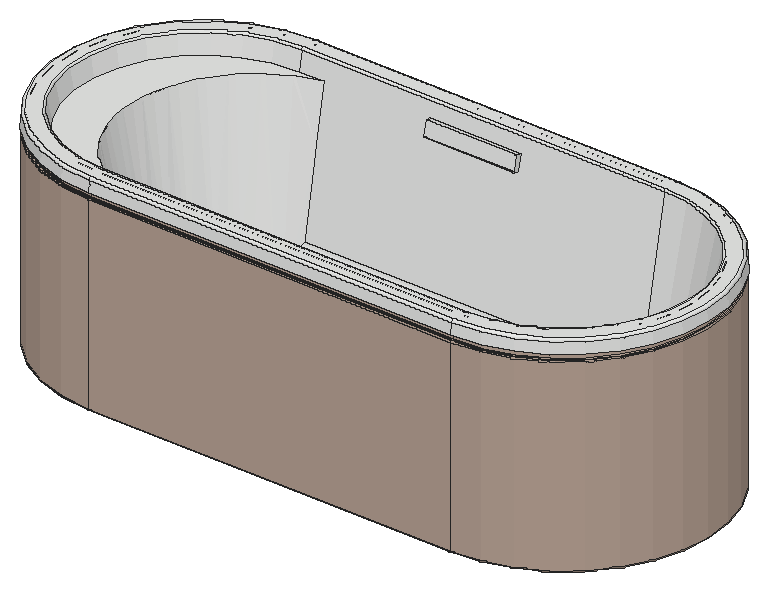
Revit family "Bath-Freestanding-KOHLER-LOVEE-K-99206T_1", category Plumbing Fixtures, host Face, Revit 2017
Family settings
  Host = Face
  Round Connector Dimension = Use Diameter
  Part Type = Normal
  OmniClass Number = 23.31.15.00
  OmniClass Title = Bathtubs
  Cut with Voids When Loaded = No
  Shared = No
  Room Calculation Point = No
Parameters (values of type "E63-Walnut")
  Width = 66.92913"  # constant formula
  WaterSense Certified = 1 = 0  # no
  Waste Water Outlet = "Waste Water Outlet"  # constant formula
  Waste Connection = 1 = 1  # yes
  Vent Connection = 1 = 0  # no
  URL = "http://www.kohler.com.cn/"
  Type = 1
  Product Page URL = "https://www.kohler.com.cn/product/K-99206T-E63/K-99206T-E63/"
  Product Name = "LOVEE"  # constant formula
  Product Documentation Link = "https://files.kohler.com.cn/pdfs/K_99206T%2099206T-GR.pdf"
  Model = if(Type = 1, "KK-99206T-E63", if(Type = 2, "K-99206T-C38", if(Type = 3, "K-99206T-C36", "NA")))  # "KK-99206T-E63"
  Material = "Cast Iron"  # constant formula
  Master Format 2014 Name = "Residential Bathtubs"  # constant formula
  Master Format 2014 = "22 41 19"  # constant formula
  Manufacturer Address = "Kohler Beijing Office (100016) 36-2-03-B, No. 88, Liuxiang Road, Beijing"  # constant formula
  Manufacturer = "KOHLER Co."  # constant formula
  Length = 29.52756"  # constant formula
  Hot Water Inlet = "Hot Water Inlet"  # constant formula
  Height = 21.65354"  # constant formula
  HW Connection = 1 = 0  # no
  Finish = Kohler-Wood-E63-Walnut
  Environmental Product Declaration = ""
  Drain Included = 1 = 1  # yes
  Description = "Freestanding cast iron bathtub with wooden skirt"  # constant formula
  Default Elevation = 0"
  Declare Label = ""
  Date Modified = "01/29/2021"  # constant formula
  Date Created = "01/29/2021"  # constant formula
  Copyright = "Copyright KOHLER Co."  # constant formula
  Contact Us = "http://www.kohler.com.cn/contact/contact-us/"
  Cold Water Inlet = "Cold Water Inlet"  # constant formula
  CW Connection = 1 = 0  # no
  Assembly Code = "D2010500"
  ADA Compliant = 1 = 0  # no
Types (3): name | Type | Product Page URL | Model | Finish
  E63-Walnut | 1 | "https://www.kohler.com.cn/product/K-99206T-E63/K-99206T-E63/" | "KK-99206T-E63" | Kohler-Wood-E63-Walnut
  C38-Clear Oak | 2 | "https://www.kohler.com.cn/product/K-99206T-E63/K-99206T-C38/" | "K-99206T-C38" | Kohler-Wood-C38-White
  C36-Ebony | 3 | "https://www.kohler.com.cn/product/K-99206T-E63/K-99206T-C36/" | "K-99206T-C36" | Kohler-Wood-C36-Ebony
Reference planes (in)
  plane 1 "Center (Front/Back)": y = 0
  plane 2: z = 0
  plane 3 "Center (Left/Right)": x = 0
  plane 4: y = 14.76378
  plane 5: y = -14.76378
  plane 6: x = 2.04724
  plane 7: y = -2.04724
  plane 8: x = 33.46457
  plane 9: x = -2.04724
  plane 10: x = -33.46457
  plane 11: y = 2.04724
  plane 12: z = 21.65354
  plane 13: z = 20.27559
  plane 14: z = 19.68504
  plane 15: z = 0.19685
  plane 16: z = 3.12954
Dimensions and locks (in)
  "Width": plane 10 to plane 8
  "Length": plane 4 to plane 5
  plane 9 to plane 6 = 4.09449"
  "Height": plane 12 to level
  plane 14 to plane 12 = 1.9685"
  plane 13 to plane 12 = 1.37795"
  plane 15 to plane 12 = 21.45669"
  aligned and locked: plane 2 to host face
  aligned and locked: level to host face
Automatic sketch dimensions
  host sketch curve to host sketch curve = 96"  (x2)
Nested families (in)
  nested 1: "K-99206T" at (0, 0, 0.19685), type "K-99206T"
Connectors (in)
  piping at (0, 0, 3.1295), diameter 1.32813, driven by "Waste Connection", driven by "Waste Water Outlet"
    settings: on nested 1, index 1, connector inside diameter 24", connector length 0", flow factor 0, pipe flow 0 GPM, pressure drop 0.00 psi, fitting loss kfactor 0, connector angle 0.00°, fixture units 0, engagement length 0", angle of deflection 0.00°, flow configuration 0, flow direction 2, fitting loss method 0, system type 16, joint type 0, gender type 0, connector reference index -1, connector utility 1, adjustable connector no, is connector primary yes, connector description "Waste Water Outlet"
Definition of nested family "K-99206T"
  Parameters (values of type "K-99206T")
    Material = none
  Reference planes (in)
    plane 1 "Center (Front/Back)": y = 0
    plane 2: z = 0
    plane 3 "Center (Left/Right)": x = 0
    plane 4: y = 14.76378
    plane 5: y = -14.76378
    plane 6: x = -33.46457
    plane 7: x = 33.46457
    plane 8: x = -2.04724
    plane 9: x = 2.04724
    plane 10: y = -2.04724
    plane 11: y = 2.04724
    plane 12: z = 21.45669
    plane 13: z = 20.07874
    plane 14: z = 19.48819
    plane 15: z = -0.19685
  Forms (in)
    Sweep 1, solid, material <- "Material"
      path origin (-0.01129, 0, 0) x (1, 0, 0) y (0, 1, 0)
        loop
          line (18.70079, 14.76378) -> (-18.70079, 14.76378)
          arc (-18.70079, 14.76378) -> (-33.46457, 0) -> (-18.70079, -14.76378) r 14.76378
          line (-18.70079, -14.76378) -> (18.70079, -14.76378)
          arc (18.70079, -14.76378) -> (33.46457, 0) -> (18.70079, 14.76378) r 14.76378
      profile origin (-0.01129, 14.76378, 0) x (0, -1, 0) y (0, 0, 1)
        loop
          line (0.70866, 0.07874) -> (0.70866, 20.19685)
          arc (0.70866, 20.19685) -> (0.6856, 20.25253) -> (0.62992, 20.27559) r 0.07874
          line (0.62992, 20.27559) -> (0.43307, 20.27559)
          arc (0.43307, 20.27559) -> (0.37739, 20.25253) -> (0.35433, 20.19685) r 0.07874
          line (0.35433, 20.19685) -> (0.35433, 19.56693)
          arc (0.35433, 19.56693) -> (0.33127, 19.51125) -> (0.27559, 19.48819) r 0.07874
          line (0.27559, 19.48819) -> (0.07874, 19.48819)
          arc (0.07874, 19.48819) -> (0.02306, 19.46513) -> (0, 19.40945) r 0.07874
          line (0, 19.40945) -> (0, 0.07874)
          arc (0, 0.07874) -> (0.02306, 0.02306) -> (0.07874, 0) r 0.07874
          line (0.07874, 0) -> (0.62992, 0)
          arc (0.62992, 0) -> (0.6856, 0.02306) -> (0.70866, 0.07874) r 0.07874
    Sweep 2, solid, detail levels medium+fine
      path origin (-0.01129, 0, 0) x (1, 0, 0) y (0, 1, 0)
        loop
          line (18.70079, 14.76378) -> (-18.70079, 14.76378)
          arc (-18.70079, 14.76378) -> (-33.46457, 0) -> (-18.70079, -14.76378) r 14.76378
          line (-18.70079, -14.76378) -> (18.70079, -14.76378)
          arc (18.70079, -14.76378) -> (33.46457, 0) -> (18.70079, 14.76378) r 14.76378
      profile origin (-0.01129, 14.76378, 0) x (0, -1, 0) y (0, 0, 1)
        loop
          line (0, 20.07874) -> (0.31616, 20.07874) -> (0.38495, 20.86493)
          arc (0.38495, 20.86493) -> (0.4793, 21.05625) -> (0.67812, 21.13357) r 0.29429
          line (0.67812, 21.13357) -> (0.84167, 21.13357) -> (0.84167, 21.44853) -> (0.37237, 21.44853)
          arc (0.37237, 21.44853) -> (0.18619, 21.37613) -> (0.09783, 21.19696) r 0.27559
          line (0.09783, 21.19696) -> (0, 20.07874)
    Sweep 3, solid, detail levels medium+fine
      path origin (-0.01129, 0, 0) x (1, 0, 0) y (0, 1, 0)
        loop
          line (18.70079, 14.76378) -> (-18.70079, 14.76378)
          arc (-18.70079, 14.76378) -> (-33.46457, 0) -> (-18.70079, -14.76378) r 14.76378
          line (-18.70079, -14.76378) -> (18.70079, -14.76378)
          arc (18.70079, -14.76378) -> (33.46457, 0) -> (18.70079, 14.76378) r 14.76378
      profile origin (-0.01129, 14.76378, 0) x (0, -1, 0) y (0, 0, 1)
        loop
          line (0.82329, 21.44853) -> (0.82329, 21.13357) -> (1.55623, 21.13357)
          arc (1.55623, 21.13357) -> (1.7306, 21.07139) -> (1.82629, 20.91292) r 0.27559
          line (1.82629, 20.91292) -> (4.89532, 5.82812)
          arc (4.89532, 5.82812) -> (5.49838, 4.82941) -> (6.59727, 4.43757) r 1.73682
          line (6.59727, 4.43757) -> (6.59727, 4.71316)
          arc (6.59727, 4.71316) -> (5.67275, 5.04283) -> (5.16538, 5.88307) r 1.46122
          line (5.16538, 5.88307) -> (2.03062, 21.29092)
          arc (2.03062, 21.29092) -> (1.96227, 21.40412) -> (1.83772, 21.44853) r 0.19685
          line (1.83772, 21.44853) -> (0.82329, 21.44853)
    Sweep 4, solid, detail levels medium+fine
      path origin (-0.01129, 0, 0) x (1, 0, 0) y (0, 1, 0)
        loop
          line (18.70079, 14.76378) -> (-18.70079, 14.76378)
          arc (-18.70079, 14.76378) -> (-33.46457, 0) -> (-18.70079, -14.76378) r 14.76378
          line (-18.70079, -14.76378) -> (18.70079, -14.76378)
          arc (18.70079, -14.76378) -> (33.46457, 0) -> (18.70079, 14.76378) r 14.76378
      profile origin (-0.01129, 14.76378, 0) x (0, -1, 0) y (0, 0, 1)
        loop
          line (0.82329, 21.44853) -> (0.82329, 21.13357) -> (1.55623, 21.13357)
          arc (1.55623, 21.13357) -> (1.7306, 21.07139) -> (1.82629, 20.91292) r 0.27559
          line (1.82629, 20.91292) -> (4.89532, 5.82812)
          arc (4.89532, 5.82812) -> (5.49838, 4.82941) -> (6.59727, 4.43757) r 1.73682
          line (6.59727, 4.43757) -> (6.59727, 4.71316)
          arc (6.59727, 4.71316) -> (5.67275, 5.04283) -> (5.16538, 5.88307) r 1.46122
          line (5.16538, 5.88307) -> (2.09475, 20.97572)
          arc (2.09475, 20.97572) -> (1.8897, 21.3153) -> (1.51605, 21.44853) r 0.59055
          line (1.51605, 21.44853) -> (0.82329, 21.44853)
    Extrusion 5, solid, detail levels medium+fine
      sketch origin (-0.01129, 0, 0) x (1, 0, 0) y (0, 1, 0)
        loop
          arc (-18.70079, 8.16651) -> (-26.86729, 0) -> (-18.70079, -8.16651) r 8.16651
          line (-18.70079, -8.16651) -> (18.70079, -8.16651)
          arc (18.70079, -8.16651) -> (26.86729, 0) -> (18.70079, 8.16651) r 8.16651
          line (18.70079, 8.16651) -> (-18.70079, 8.16651)
      from 4.43757 to 4.71316
    Blend 6, solid, detail levels medium+fine
      base sketch origin (-0.01129, 0, 0) x (1, 0, 0) y (0, 1, 0)
        loop
          arc (-18.70079, 13.94049) -> (-32.64128, 0) -> (-18.70079, -13.94049) r 13.94049
          line (-18.70079, -13.94049) -> (-13.33649, -13.94049) -> (-13.33649, -12.66683)
          arc (-13.33649, -12.66683) -> (-26.00332, 0) -> (-13.33649, 12.66683) r 12.66683
          line (-13.33649, 12.66683) -> (-13.33649, 13.94049) -> (-18.70079, 13.94049)
      top sketch origin (-0.01129, 0, 0) x (1, 0, 0) y (0, 1, 0)
        loop
          arc (-18.70079, 13.94049) -> (-32.64128, 0) -> (-18.70079, -13.94049) r 13.94049
          line (-18.70079, -13.94049) -> (-13.40128, -13.94049) -> (-13.40128, -9.64953)
          arc (-13.40128, -9.64953) -> (-23.05076, 0.0324) -> (-13.33649, 9.64931) r 9.64953
          line (-13.33649, 9.64931) -> (-13.33649, 13.94049) -> (-18.70079, 13.94049)
      from 19.40945 to 4.48528
    Blend 7, solid, detail levels medium+fine
      base sketch origin (-0.01129, 0, 0) x (1, 0, 0) y (0, 1, 0)
        loop
          arc (-1.90175, 2.37419) -> (-2.23582, 2.23582) -> (-2.37419, 1.90175) r 0.47244
          line (-2.37419, 1.90175) -> (-2.37419, -1.90175)
          arc (-2.37419, -1.90175) -> (-2.23582, -2.23582) -> (-1.90175, -2.37419) r 0.47244
          line (-1.90175, -2.37419) -> (1.90175, -2.37419)
          arc (1.90175, -2.37419) -> (2.23582, -2.23582) -> (2.37419, -1.90175) r 0.47244
          line (2.37419, -1.90175) -> (2.37419, 1.90175)
          arc (2.37419, 1.90175) -> (2.23582, 2.23582) -> (1.90175, 2.37419) r 0.47244
          line (1.90175, 2.37419) -> (-1.90175, 2.37419)
      top sketch origin (-0.01129, 0, 0) x (1, 0, 0) y (0, 1, 0)
        loop
          arc (-1.2924, 1.96169) -> (-1.76566, 1.76566) -> (-1.96169, 1.2924) r 0.66929
          line (-1.96169, 1.2924) -> (-1.96169, -1.2924)
          arc (-1.96169, -1.2924) -> (-1.76566, -1.76566) -> (-1.2924, -1.96169) r 0.66929
          line (-1.2924, -1.96169) -> (1.2924, -1.96169)
          arc (1.2924, -1.96169) -> (1.76566, -1.76566) -> (1.96169, -1.2924) r 0.66929
          line (1.96169, -1.2924) -> (1.96169, 1.2924)
          arc (1.96169, 1.2924) -> (1.76566, 1.76566) -> (1.2924, 1.96169) r 0.66929
          line (1.2924, 1.96169) -> (-1.2924, 1.96169)
      from 4.71316 to 3.78953
    Blend 8, void
      base sketch origin (-0.01129, 0, 0) x (1, 0, 0) y (0, 1, 0)
        loop
          arc (-1.90175, 2.0986) -> (-2.04094, 2.04094) -> (-2.0986, 1.90175) r 0.19685
          line (-2.0986, 1.90175) -> (-2.0986, -1.90175)
          arc (-2.0986, -1.90175) -> (-2.04094, -2.04094) -> (-1.90175, -2.0986) r 0.19685
          line (-1.90175, -2.0986) -> (1.90175, -2.0986)
          arc (1.90175, -2.0986) -> (2.04094, -2.04094) -> (2.0986, -1.90175) r 0.19685
          line (2.0986, -1.90175) -> (2.0986, 1.90175)
          arc (2.0986, 1.90175) -> (2.04094, 2.04094) -> (1.90175, 2.0986) r 0.19685
          line (1.90175, 2.0986) -> (-1.90175, 2.0986)
      top sketch origin (-0.01129, 0, 0) x (1, 0, 0) y (0, 1, 0)
        loop
          line (-1.6861, 1.2924) -> (-1.6861, -1.2924)
          arc (-1.6861, -1.2924) -> (-1.57079, -1.57079) -> (-1.2924, -1.6861) r 0.3937
          line (-1.2924, -1.6861) -> (1.2924, -1.6861)
          arc (1.2924, -1.6861) -> (1.57079, -1.57079) -> (1.6861, -1.2924) r 0.3937
          line (1.6861, -1.2924) -> (1.6861, 1.2924)
          arc (1.6861, 1.2924) -> (1.57079, 1.57079) -> (1.2924, 1.6861) r 0.3937
          line (1.2924, 1.6861) -> (-1.2924, 1.6861)
          arc (-1.2924, 1.6861) -> (-1.57079, 1.57079) -> (-1.6861, 1.2924) r 0.3937
      from 4.71316 to 3.78953
    Extrusion 9, solid, detail levels medium+fine
      sketch origin (-0.01129, 0, 0) x (1, 0, 0) y (0, 1, 0)
        loop
          line (-1.2924, -1.96169) -> (1.2924, -1.96169)
          arc (1.2924, -1.96169) -> (1.76566, -1.76566) -> (1.96169, -1.2924) r 0.66929
          line (1.96169, -1.2924) -> (1.96169, 1.2924)
          arc (1.96169, 1.2924) -> (1.76566, 1.76566) -> (1.2924, 1.96169) r 0.66929
          line (1.2924, 1.96169) -> (-1.2924, 1.96169)
          arc (-1.2924, 1.96169) -> (-1.76566, 1.76566) -> (-1.96169, 1.2924) r 0.66929
          line (-1.96169, 1.2924) -> (-1.96169, -1.2924)
          arc (-1.96169, -1.2924) -> (-1.76566, -1.76566) -> (-1.2924, -1.96169) r 0.66929
        loop
          circle (0, 0) r 1.37795
      from 3.78953 to 4.15333
    Revolve 10, solid, detail levels medium+fine
      sketch origin (-0.01129, 0, 0) x (1, 0, 0) y (0, 0, 1)
        loop
          line (-0.65945, 4.68403) -> (0.01129, 4.68403) -> (0.01129, 5.09217)
          arc (0.01129, 5.09217) -> (-0.68338, 5.04694) -> (-1.36573, 4.90902) r 5.18326
          arc (-1.36573, 4.90902) -> (-1.38335, 4.88245) -> (-1.35935, 4.86145) r 0.02422
          line (-1.35935, 4.86145) -> (-0.65945, 4.86145) -> (-0.65945, 4.68403)
        loop
          line (0.01129, 4.24463) -> (-1.54721, 4.24463) -> (-1.54721, 4.19737) -> (-0.8307, 4.07103) -> (-0.8307, 2.93265) -> (0.01129, 2.93265) -> (0.01129, 4.24463)
        axis (0.01129, 2.93265) -> (0.01129, 5.09217)
      angle from 0 to 360
    Extrusion 11, solid, material <- "Material"
      sketch origin (-0.01129, 0, 0) x (1, 0, 0) y (0, 1, 0)
        loop
          line (18.85626, -13.60236) -> (19.20858, -12.99213) -> (18.85626, -12.38189) -> (18.15162, -12.38189) -> (17.7993, -12.99213) -> (18.15162, -13.60236) -> (18.85626, -13.60236)
        loop
          line (18.85626, 13.60236) -> (18.15162, 13.60236) -> (17.7993, 12.99213) -> (18.15162, 12.38189) -> (18.85626, 12.38189) -> (19.20858, 12.99213) -> (18.85626, 13.60236)
        loop
          line (-18.85626, -13.60236) -> (-18.15162, -13.60236) -> (-17.7993, -12.99213) -> (-18.15162, -12.38189) -> (-18.85626, -12.38189) -> (-19.20858, -12.99213) -> (-18.85626, -13.60236)
        loop
          line (-18.85626, 13.60236) -> (-19.20858, 12.99213) -> (-18.85626, 12.38189) -> (-18.15162, 12.38189) -> (-17.7993, 12.99213) -> (-18.15162, 13.60236) -> (-18.85626, 13.60236)
      from -0.19685 to 0.98425
    Extrusion 12, solid, detail levels medium+fine
      sketch origin (0, 0, 0) x (0, 1, 0) y (0, 0, 1)
        loop
          line (11.88776, 20.1706) -> (11.44409, 20.26086)
          arc (11.44409, 20.26086) -> (11.4293, 20.25799) -> (11.42088, 20.2455) r 0.01969
          line (11.42088, 20.2455) -> (11.12532, 18.79277)
          arc (11.12532, 18.79277) -> (11.12819, 18.77798) -> (11.14068, 18.76956) r 0.01969
          line (11.14068, 18.76956) -> (11.58435, 18.67929) -> (11.88776, 20.1706)
      from -4.81123 to 4.52627
    Extrusion 13, solid, material <- "Material"
      sketch origin (0, 0, 0) x (1, 0, 0) y (0, 1, 0)
        loop
          line (12.83465, -8.77953) -> (12.99213, -9.05229) -> (13.30709, -9.05229) -> (13.46457, -8.77953) -> (13.30709, -8.50676) -> (12.99213, -8.50676) -> (12.83465, -8.77953)
        loop
          line (12.83465, 8.77953) -> (12.99213, 8.50676) -> (13.30709, 8.50676) -> (13.46457, 8.77953) -> (13.30709, 9.05229) -> (12.99213, 9.05229) -> (12.83465, 8.77953)
        loop
          line (-12.83465, -8.77953) -> (-12.99213, -8.50676) -> (-13.30709, -8.50676) -> (-13.46457, -8.77953) -> (-13.30709, -9.05229) -> (-12.99213, -9.05229) -> (-12.83465, -8.77953)
        loop
          line (-12.83465, 8.77953) -> (-12.99213, 9.05229) -> (-13.30709, 9.05229) -> (-13.46457, 8.77953) -> (-13.30709, 8.50676) -> (-12.99213, 8.50676) -> (-12.83465, 8.77953)
      from -0.19685 to 0.43307
    Extrusion 14, solid, material <- "Material"
      sketch origin (0, 0, 0) x (1, 0, 0) y (0, 1, 0)
        loop
          line (-19.29134, 13.9639) -> (-19.29134, -13.9639) -> (-17.71654, -13.9639) -> (-17.71654, 13.9639) -> (-19.29134, 13.9639)
        loop
          line (17.71654, 13.97638) -> (17.71654, -13.97638) -> (19.29134, -13.97638) -> (19.29134, 13.97638) -> (17.71654, 13.97638)
      from 0.98425 to 2.55906
    Sweep 15, solid, detail levels coarse
      path origin (-0.01129, 0, 0) x (1, 0, 0) y (0, 1, 0)
        loop
          line (18.70079, 14.76378) -> (-18.70079, 14.76378)
          arc (-18.70079, 14.76378) -> (-33.46457, 0) -> (-18.70079, -14.76378) r 14.76378
          line (-18.70079, -14.76378) -> (18.70079, -14.76378)
          arc (18.70079, -14.76378) -> (33.46457, 0) -> (18.70079, 14.76378) r 14.76378
      profile origin (-0.01129, 14.76378, 0) x (0, -1, 0) y (0, 0, 1)
        loop
          line (0, 20.07874) -> (0.31616, 20.07874) -> (0.40845, 21.13357) -> (0.84167, 21.13357) -> (0.84167, 21.44853) -> (0.11984, 21.44853) -> (0, 20.07874)
    Sweep 16, solid, detail levels coarse
      path origin (-0.01129, 0, 0) x (1, 0, 0) y (0, 1, 0)
        loop
          line (18.70079, 14.76378) -> (-18.70079, 14.76378)
          arc (-18.70079, 14.76378) -> (-33.46457, 0) -> (-18.70079, -14.76378) r 14.76378
          line (-18.70079, -14.76378) -> (18.70079, -14.76378)
          arc (18.70079, -14.76378) -> (33.46457, 0) -> (18.70079, 14.76378) r 14.76378
      profile origin (-0.01129, 14.76378, 0) x (0, -1, 0) y (0, 0, 1)
        loop
          line (0.82329, 21.44853) -> (0.82329, 21.13357) -> (1.7814, 21.13357) -> (5.17824, 4.43757) -> (6.59727, 4.43757) -> (6.59727, 4.71316) -> (5.4034, 4.71316) -> (1.99855, 21.44853) -> (0.82329, 21.44853)
    Extrusion 17, solid, detail levels coarse
      sketch origin (0, 0, 0) x (1, 0, 0) y (0, 1, 0)
        loop
          arc (-18.71208, 8.16651) -> (-26.87858, 0) -> (-18.71208, -8.16651) r 8.16651
          line (-18.71208, -8.16651) -> (18.6895, -8.16651)
          arc (18.6895, -8.16651) -> (26.85601, 0) -> (18.6895, 8.16651) r 8.16651
          line (18.6895, 8.16651) -> (-18.71208, 8.16651)
      from 4.43757 to 4.68403
  Cuts and joins
    Blend 8 cuts Extrusion 5
    Blend 8 cuts Blend 7
    joined: Sweep 2, Sweep 3, Sweep 4, Extrusion 5, Blend 6, Blend 7, Extrusion 9, Extrusion 12
    joined: Extrusion 11, Extrusion 13, Extrusion 14
    joined: Sweep 15, Sweep 16, Extrusion 17
  Lines and regions (in)
    Masking region 1
      outline origin (0, 0, 0) x (1, 0, 0) y (0, 1, 0)
        loop
          line (18.70079, 14.76378) -> (-18.70079, 14.76378)
          arc (-18.70079, 14.76378) -> (-33.46457, 0) -> (-18.70079, -14.76378) r 14.76378
          line (-18.70079, -14.76378) -> (18.70079, -14.76378)
          arc (18.70079, -14.76378) -> (33.46457, 0) -> (18.70079, 14.76378) r 14.76378
    Masking region 2
      outline origin (-0.01129, 0, 0) x (1, 0, 0) y (0, 0, 1)
        loop
          line (-33.46457, 0) -> (-19.20858, 0) -> (-19.20858, -0.19685) -> (-17.7993, -0.19685) -> (-17.7993, 0) -> (-13.45328, 0) -> (-13.45328, -0.19685) -> (-12.82336, -0.19685) -> (-12.82336, 0) -> (12.84593, 0) -> (12.84593, -0.19685) -> (13.47585, -0.19685) -> (13.47585, 0) -> (17.7993, 0) -> (17.7993, -0.19685) -> (19.20858, -0.19685) -> (19.20858, 0) -> (33.46457, 0) -> (33.46457, 19.40945)
          arc (33.46457, 19.40945) -> (33.4415, 19.46513) -> (33.38583, 19.48819) r 0.07874
          line (33.38583, 19.48819) -> (33.1879, 19.48819)
          arc (33.1879, 19.48819) -> (33.13315, 19.51087) -> (33.11047, 19.56562) r 0.07744
          line (33.11047, 19.56562) -> (33.11047, 20.07874) -> (33.46457, 20.07874) -> (33.36602, 21.20512)
          arc (33.36602, 21.20512) -> (33.27767, 21.38429) -> (33.09148, 21.45669) r 0.27559
          line (33.09148, 21.45669) -> (0, 21.45669) -> (-33.09148, 21.45669)
          arc (-33.09148, 21.45669) -> (-33.27767, 21.38429) -> (-33.36602, 21.20512) r 0.27559
          line (-33.36602, 21.20512) -> (-33.46457, 20.07874) -> (-33.11047, 20.07874) -> (-33.11047, 19.56562)
          arc (-33.11047, 19.56562) -> (-33.13315, 19.51087) -> (-33.1879, 19.48819) r 0.07744
          line (-33.1879, 19.48819) -> (-33.38583, 19.48819)
          arc (-33.38583, 19.48819) -> (-33.4415, 19.46513) -> (-33.46457, 19.40945) r 0.07874
          line (-33.46457, 19.40945) -> (-33.46457, 0)
    Masking region 3
      outline origin (0, 0, 0) x (0, 1, 0) y (0, 0, 1)
        loop
          arc (14.76378, 19.40945) -> (14.74072, 19.46513) -> (14.68504, 19.48819) r 0.07874
          line (14.68504, 19.48819) -> (14.48819, 19.48819)
          arc (14.48819, 19.48819) -> (14.43251, 19.51125) -> (14.40945, 19.56693) r 0.07874
          line (14.40945, 19.56693) -> (14.40945, 20.07874) -> (14.76378, 20.07874) -> (14.66595, 21.19696)
          arc (14.66595, 21.19696) -> (14.57759, 21.37613) -> (14.39141, 21.44853) r 0.27559
          line (14.39141, 21.44853) -> (-0.06138, 21.44853) -> (-14.39141, 21.44853)
          arc (-14.39141, 21.44853) -> (-14.57759, 21.37613) -> (-14.66595, 21.19696) r 0.27559
          line (-14.66595, 21.19696) -> (-14.76378, 20.07874) -> (-14.40945, 20.07874) -> (-14.40945, 19.56693)
          arc (-14.40945, 19.56693) -> (-14.43251, 19.51125) -> (-14.48819, 19.48819) r 0.07874
          line (-14.48819, 19.48819) -> (-14.68504, 19.48819)
          arc (-14.68504, 19.48819) -> (-14.74072, 19.46513) -> (-14.76378, 19.40945) r 0.07874
          line (-14.76378, 19.40945) -> (-14.76378, 0.07874)
          arc (-14.76378, 0.07874) -> (-14.74072, 0.02306) -> (-14.68504, 0) r 0.07874
          line (-14.68504, 0) -> (-13.60236, 0) -> (-13.60236, -0.19685) -> (-12.38189, -0.19685) -> (-12.38189, 0) -> (-9.05229, 0) -> (-9.05229, -0.19685) -> (-8.50676, -0.19685) -> (-8.50676, 0) -> (0, 0) -> (8.50676, 0) -> (8.50676, -0.19685) -> (9.05229, -0.19685) -> (9.05229, 0) -> (12.38189, 0) -> (12.38189, -0.19685) -> (13.60236, -0.19685) -> (13.60236, 0) -> (14.68504, 0)
          arc (14.68504, 0) -> (14.74072, 0.02306) -> (14.76378, 0.07874) r 0.07874
          line (14.76378, 0.07874) -> (14.76378, 19.40945)
    symbolic lines, detail levels medium+fine
      curve 1: line (0, 14.48819, 19.48819) -> (0, -14.48819, 19.48819)
      curve 2: line (0, -14.40945, 20.07874) -> (0, 14.44762, 20.07874)
      curve 3: line (-33.12175, 0, 20.07874) -> (33.09918, 0, 20.07874)
      curve 4: line (33.17661, 0, 19.48819) -> (-33.19919, 0, 19.48819)
      curve 8: arc (-16.15021, -12.35037, 0) -> (-26.00332, 0, 0) -> (-16.15021, 12.35037, 0) r 12.66683
      curve 9: arc (-18.70079, -12.35037, 0) -> (-31.05116, 0, 0) -> (-18.70079, 12.35037, 0) r 12.35037
      curve 10: line (-16.15021, -12.35037, 0) -> (-18.70079, -12.35037, 0)
      curve 11: line (-18.70079, 12.35037, 0) -> (-16.15021, 12.35037, 0)
      curve 12: line (-15.91595, 9.61562, 0) -> (-18.62646, 8.16651, 0)
      curve 13: arc (-18.62646, 8.16651, 0) -> (-23.09589, 0, 0) -> (-18.62646, -8.16651, 0) r 9.6956
      curve 14: line (-18.62646, -8.16651, 0) -> (-15.91602, -9.61562, 0)
      curve 15: line (-4.81123, 11.88776, 0) -> (4.52627, 11.88776, 0)
      curve 16: line (-4.81123, 11.88776, 0) -> (-4.81123, 11.12492, 0)
      curve 17: line (4.52627, 11.12492, 0) -> (4.52627, 11.88776, 0)
      curve 18: line (-4.81123, 11.12492, 0) -> (4.52627, 11.12492, 0)
      curve 19: line (4.52627, 11.50634, 0) -> (-4.81123, 11.50634, 0)
      curve 21: line (-15.91595, 9.61562, 0) -> (18.70079, 9.61562, 0)
      curve 22: arc (18.70079, 9.61562, 0) -> (28.31641, 0, 0) -> (18.70079, -9.61562, 0) r 9.61562
      curve 23: line (18.70079, -9.61562, 0) -> (-15.91602, -9.61562, 0)
      curve 24: line (-1.90175, 2.0986, 0) -> (1.90175, 2.0986, 0)
      curve 25: arc (-2.0986, 1.90175, 0) -> (-2.04094, 2.04094, 0) -> (-1.90175, 2.0986, 0) r 0.19685
      curve 26: line (-2.0986, -1.90175, 0) -> (-2.0986, 1.90175, 0)
      curve 27: arc (1.90175, 2.0986, 0) -> (2.04094, 2.04094, 0) -> (2.0986, 1.90175, 0) r 0.19685
      curve 28: line (2.0986, 1.90175, 0) -> (2.0986, -1.90175, 0)
      curve 29: arc (2.0986, -1.90175, 0) -> (2.04094, -2.04094, 0) -> (1.90175, -2.0986, 0) r 0.19685
      curve 30: line (1.90175, -2.0986, 0) -> (-1.90175, -2.0986, 0)
      curve 31: arc (-1.90175, -2.0986, 0) -> (-2.04094, -2.04094, 0) -> (-2.0986, -1.90175, 0) r 0.19685
      curve 32: arc (-1.53241, -1.84858, 0) -> (-1.75597, -1.75597, 0) -> (-1.84858, -1.53241, 0) r 0.31617
      curve 33: line (-1.84858, -1.53241, 0) -> (-1.84858, 1.53241, 0)
      curve 34: line (1.53241, -1.84858, 0) -> (-1.53241, -1.84858, 0)
      curve 35: arc (1.84858, -1.53241, 0) -> (1.75597, -1.75597, 0) -> (1.53241, -1.84858, 0) r 0.31617
      curve 36: line (1.84858, 1.53241, 0) -> (1.84858, -1.53241, 0)
      curve 37: arc (1.53241, 1.84858, 0) -> (1.75597, 1.75597, 0) -> (1.84858, 1.53241, 0) r 0.31617
      curve 38: line (-1.53241, 1.84858, 0) -> (1.53241, 1.84858, 0)
      curve 39: arc (-1.84858, 1.53241, 0) -> (-1.75597, 1.75597, 0) -> (-1.53241, 1.84858, 0) r 0.31617
      curve 42: line (12.83465, 0, 0) -> (13.46457, 0, 0)
      curve 43: line (17.78801, 0, 0) -> (19.19729, 0, 0)
      curve 44: line (18.84497, 0, -0.19685) -> (18.84497, 0, 0)
      curve 45: line (18.14033, 0, -0.19685) -> (18.14033, 0, 0)
      curve 46: line (12.99213, 0, -0.19685) -> (12.99213, 0, 0)
      curve 47: line (13.30709, 0, -0.19685) -> (13.30709, 0, 0)
      curve 48: line (-19.21986, 0, 0) -> (-17.81058, 0, 0)
      curve 49: line (-18.1629, 0, -0.19685) -> (-18.1629, 0, 0)
      curve 50: line (-18.86754, 0, -0.19685) -> (-18.86754, 0, 0)
      curve 51: line (-13.46457, 0, 0) -> (-12.83465, 0, 0)
      curve 52: line (-12.99213, 0, 0) -> (-12.99213, 0, -0.19685)
      curve 53: line (-13.30709, 0, 0) -> (-13.30709, 0, -0.19685)
      curve 54: line (0, 13.60236, 0) -> (0, 12.38189, 0)
      curve 55: line (0, 12.99213, -0.19685) -> (0, 12.99213, 0)
      curve 56: line (0, 13.60236, 0) -> (0, 12.38189, 0)
      curve 57: line (0, 12.99213, -0.19685) -> (0, 12.99213, 0)
      curve 58: line (0, 8.77953, -0.19685) -> (0, 8.77953, 0)
      curve 59: line (0, 9.05229, 0) -> (0, 8.50676, 0)
      curve 60: line (0, -12.38189, 0) -> (0, -13.60236, 0)
      curve 61: line (0, -12.99213, -0.19685) -> (0, -12.99213, 0)
      curve 62: line (0, -8.77953, -0.19685) -> (0, -8.77953, 0)
      curve 63: line (0, -8.50676, 0) -> (0, -9.05229, 0)
    symbolic lines
      curve 5: arc (-18.70079, -12.76523, 0) -> (-31.46601, 0, 0) -> (-18.70079, 12.76523, 0) r 12.76523
      curve 6: line (-18.70079, 12.76523, 0) -> (18.70079, 12.76523, 0)
      curve 7: line (18.70079, -12.76523, 0) -> (-18.70079, -12.76523, 0)
      curve 20: arc (18.70079, 12.76523, 0) -> (31.46601, 0, 0) -> (18.70079, -12.76523, 0) r 12.76523
      curve 40: arc (-1.54721, 0, 0) -> (0, 1.54721, 0) -> (1.54721, 0, 0) r 1.54721
      curve 41: arc (1.54721, 0, 0) -> (0, -1.54721, 0) -> (-1.54721, 0, 0) r 1.54721
  Dimensions and locks (in)
    plane 12 to level = 21.45669"
    plane 12 to plane 13 = 1.37795"
    plane 12 to plane 14 = 1.9685"
    plane 12 to plane 15 = 21.65354"
    aligned and locked: plane 2 to level
